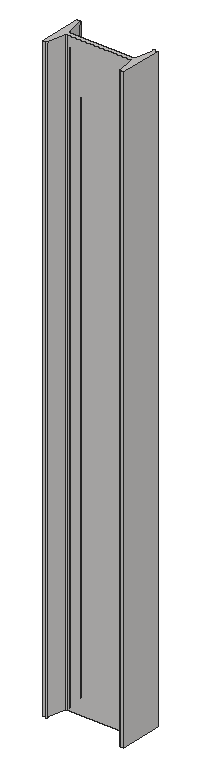
Revit family "E_Cable Tray Support_MEPcontent_OBO Bettermann_I IS8 FT", category Cable Tray Fittings, Revit 2015
Parameters (values of type "IS 8 60 FT")
  Wholesaler Art. No. = ""
  Wholesaler = ""
  Watermarked By = "www.stabiplan.com"
  Width 2 = 42.00 mm  # constant formula
  Width 1 = 80.00 mm  # constant formula
  URL = "www.stabiplan.com"
  built-in parameter 1140111 [instance] = 4.00 mm  # constant formula
  Stabu Code = ""
  Revit Version = "2015"  # constant formula
  Product Line = "OBO BETTERMANN CableTrays"  # constant formula
  MEPcontent Class = "CABLE_TRAY_SUPPORT"  # constant formula
  Internal Art. No. = ""
  IFCExportType = "NOTDEFINED"  # constant formula
  IFCExportAs = "IfcCableCarrierFittingType"  # constant formula
  Function Code [instance] = ""
  Family Version = "10.14"  # constant formula
  ETIM Article Class = "EC000386"  # constant formula
  EMCS Version = "2.0"  # constant formula
  Copyright = "© Stabiplan International BV"  # constant formula
  Content Supplier URL = ""
  CB-NL Class = ""
  Article Type = if(and(Width 1 = 80.00 mm, Width 2 = 42.00 mm, Height 1 = 300.00 mm), "IS 8 30 FT", if(and(Width 1 = 80.00 mm, Width 2 = 42.00 mm, Height 1 = 400.00 mm), "IS 8 40 FT", if(and(Width 1 = 80.00 mm, Width 2 = 42.00 mm, Height 1 = 500.00 mm), "IS 8 50 FT", if(and(Width 1 = 80.00 mm, Width 2 = 42.00 mm, Height 1 = 600.00 mm), "IS 8 60 FT", if(and(Width 1 = 80.00 mm, Width 2 = 42.00 mm, Height 1 = 700.00 mm), "IS 8 70 FT", if(and(Width 1 = 80.00 mm, Width 2 = 42.00 mm, Height 1 = 800.00 mm), "IS 8 80 FT", if(and(Width 1 = 80.00 mm, Width 2 = 42.00 mm, Height 1 = 900.00 mm), "IS 8 90 FT", if(and(Width 1 = 80.00 mm, Width 2 = 42.00 mm, Height 1 = 1000.00 mm), "IS 8 100 FT", if(and(Width 1 = 80.00 mm, Width 2 = 42.00 mm, Height 1 = 1100.00 mm), "IS 8 110 FT", if(and(Width 1 = 80.00 mm, Width 2 = 42.00 mm, Height 1 = 1200.00 mm), "IS 8 120 FT", if(and(Width 1 = 80.00 mm, Width 2 = 42.00 mm, Height 1 = 1300.00 mm), "IS 8 130 FT", if(and(Width 1 = 80.00 mm, Width 2 = 42.00 mm, Height 1 = 1400.00 mm), "IS 8 140 FT", if(and(Width 1 = 80.00 mm, Width 2 = 42.00 mm, Height 1 = 1500.00 mm), "IS 8 150 FT", if(and(Width 1 = 80.00 mm, Width 2 = 42.00 mm, Height 1 = 1600.00 mm), "IS 8 160 FT", if(and(Width 1 = 80.00 mm, Width 2 = 42.00 mm, Height 1 = 1700.00 mm), "IS 8 170 FT", if(and(Width 1 = 80.00 mm, Width 2 = 42.00 mm, Height 1 = 1800.00 mm), "IS 8 180 FT", if(and(Width 1 = 80.00 mm, Width 2 = 42.00 mm, Height 1 = 1900.00 mm), "IS 8 190 FT", if(and(Width 1 = 80.00 mm, Width 2 = 42.00 mm, Height 1 = 2000.00 mm), "IS 8 200 FT", if(and(Width 1 = 80.00 mm, Width 2 = 42.00 mm, Height 1 = 3000.00 mm), "IS 8 300 FT", if(and(Width 1 = 80.00 mm, Width 2 = 42.00 mm, Height 1 = 6000.00 mm), "IS 8 600 FT", "Unknown"))))))))))))))))))))  # "IS 8 60 FT"
  Model = if(and(Width 1 = 80.00 mm, Width 2 = 42.00 mm, Height 1 = 300.00 mm), "IS 8 30 FT", if(and(Width 1 = 80.00 mm, Width 2 = 42.00 mm, Height 1 = 400.00 mm), "IS 8 40 FT", if(and(Width 1 = 80.00 mm, Width 2 = 42.00 mm, Height 1 = 500.00 mm), "IS 8 50 FT", if(and(Width 1 = 80.00 mm, Width 2 = 42.00 mm, Height 1 = 600.00 mm), "IS 8 60 FT", if(and(Width 1 = 80.00 mm, Width 2 = 42.00 mm, Height 1 = 700.00 mm), "IS 8 70 FT", if(and(Width 1 = 80.00 mm, Width 2 = 42.00 mm, Height 1 = 800.00 mm), "IS 8 80 FT", if(and(Width 1 = 80.00 mm, Width 2 = 42.00 mm, Height 1 = 900.00 mm), "IS 8 90 FT", if(and(Width 1 = 80.00 mm, Width 2 = 42.00 mm, Height 1 = 1000.00 mm), "IS 8 100 FT", if(and(Width 1 = 80.00 mm, Width 2 = 42.00 mm, Height 1 = 1100.00 mm), "IS 8 110 FT", if(and(Width 1 = 80.00 mm, Width 2 = 42.00 mm, Height 1 = 1200.00 mm), "IS 8 120 FT", if(and(Width 1 = 80.00 mm, Width 2 = 42.00 mm, Height 1 = 1300.00 mm), "IS 8 130 FT", if(and(Width 1 = 80.00 mm, Width 2 = 42.00 mm, Height 1 = 1400.00 mm), "IS 8 140 FT", if(and(Width 1 = 80.00 mm, Width 2 = 42.00 mm, Height 1 = 1500.00 mm), "IS 8 150 FT", if(and(Width 1 = 80.00 mm, Width 2 = 42.00 mm, Height 1 = 1600.00 mm), "IS 8 160 FT", if(and(Width 1 = 80.00 mm, Width 2 = 42.00 mm, Height 1 = 1700.00 mm), "IS 8 170 FT", if(and(Width 1 = 80.00 mm, Width 2 = 42.00 mm, Height 1 = 1800.00 mm), "IS 8 180 FT", if(and(Width 1 = 80.00 mm, Width 2 = 42.00 mm, Height 1 = 1900.00 mm), "IS 8 190 FT", if(and(Width 1 = 80.00 mm, Width 2 = 42.00 mm, Height 1 = 2000.00 mm), "IS 8 200 FT", if(and(Width 1 = 80.00 mm, Width 2 = 42.00 mm, Height 1 = 3000.00 mm), "IS 8 300 FT", if(and(Width 1 = 80.00 mm, Width 2 = 42.00 mm, Height 1 = 6000.00 mm), "IS 8 600 FT", "Unknown"))))))))))))))))))))  # "IS 8 60 FT"
  Manufacturer = "OBO BETTERMANN"  # constant formula
  Custom [instance] = if(and(Width 1 = 80.00 mm, Width 2 = 42.00 mm, Height 1 = 300.00 mm), 1 = 0, if(and(Width 1 = 80.00 mm, Width 2 = 42.00 mm, Height 1 = 400.00 mm), 1 = 0, if(and(Width 1 = 80.00 mm, Width 2 = 42.00 mm, Height 1 = 500.00 mm), 1 = 0, if(and(Width 1 = 80.00 mm, Width 2 = 42.00 mm, Height 1 = 600.00 mm), 1 = 0, if(and(Width 1 = 80.00 mm, Width 2 = 42.00 mm, Height 1 = 700.00 mm), 1 = 0, if(and(Width 1 = 80.00 mm, Width 2 = 42.00 mm, Height 1 = 800.00 mm), 1 = 0, if(and(Width 1 = 80.00 mm, Width 2 = 42.00 mm, Height 1 = 900.00 mm), 1 = 0, if(and(Width 1 = 80.00 mm, Width 2 = 42.00 mm, Height 1 = 1000.00 mm), 1 = 0, if(and(Width 1 = 80.00 mm, Width 2 = 42.00 mm, Height 1 = 1100.00 mm), 1 = 0, if(and(Width 1 = 80.00 mm, Width 2 = 42.00 mm, Height 1 = 1200.00 mm), 1 = 0, if(and(Width 1 = 80.00 mm, Width 2 = 42.00 mm, Height 1 = 1300.00 mm), 1 = 0, if(and(Width 1 = 80.00 mm, Width 2 = 42.00 mm, Height 1 = 1400.00 mm), 1 = 0, if(and(Width 1 = 80.00 mm, Width 2 = 42.00 mm, Height 1 = 1500.00 mm), 1 = 0, if(and(Width 1 = 80.00 mm, Width 2 = 42.00 mm, Height 1 = 1600.00 mm), 1 = 0, if(and(Width 1 = 80.00 mm, Width 2 = 42.00 mm, Height 1 = 1700.00 mm), 1 = 0, if(and(Width 1 = 80.00 mm, Width 2 = 42.00 mm, Height 1 = 1800.00 mm), 1 = 0, if(and(Width 1 = 80.00 mm, Width 2 = 42.00 mm, Height 1 = 1900.00 mm), 1 = 0, if(and(Width 1 = 80.00 mm, Width 2 = 42.00 mm, Height 1 = 2000.00 mm), 1 = 0, if(and(Width 1 = 80.00 mm, Width 2 = 42.00 mm, Height 1 = 3000.00 mm), 1 = 0, if(and(Width 1 = 80.00 mm, Width 2 = 42.00 mm, Height 1 = 6000.00 mm), 1 = 0, 1 = 1))))))))))))))))))))  # no
  Height 1 = 600.00 mm
  GTIN = if(and(Width 1 = 80.00 mm, Width 2 = 42.00 mm, Height 1 = 300.00 mm), "4012196182770", if(and(Width 1 = 80.00 mm, Width 2 = 42.00 mm, Height 1 = 400.00 mm), "4012196182831", if(and(Width 1 = 80.00 mm, Width 2 = 42.00 mm, Height 1 = 500.00 mm), "4012196182893", if(and(Width 1 = 80.00 mm, Width 2 = 42.00 mm, Height 1 = 600.00 mm), "4012196182954", if(and(Width 1 = 80.00 mm, Width 2 = 42.00 mm, Height 1 = 700.00 mm), "4012196183012", if(and(Width 1 = 80.00 mm, Width 2 = 42.00 mm, Height 1 = 800.00 mm), "4012196183074", if(and(Width 1 = 80.00 mm, Width 2 = 42.00 mm, Height 1 = 900.00 mm), "4012196183135", if(and(Width 1 = 80.00 mm, Width 2 = 42.00 mm, Height 1 = 1000.00 mm), "4012196183197", if(and(Width 1 = 80.00 mm, Width 2 = 42.00 mm, Height 1 = 1100.00 mm), "4012196183258", if(and(Width 1 = 80.00 mm, Width 2 = 42.00 mm, Height 1 = 1200.00 mm), "4012195804550", if(and(Width 1 = 80.00 mm, Width 2 = 42.00 mm, Height 1 = 1300.00 mm), "4012195805038", if(and(Width 1 = 80.00 mm, Width 2 = 42.00 mm, Height 1 = 1400.00 mm), "4012195934936", if(and(Width 1 = 80.00 mm, Width 2 = 42.00 mm, Height 1 = 1500.00 mm), "4012196183494", if(and(Width 1 = 80.00 mm, Width 2 = 42.00 mm, Height 1 = 1600.00 mm), "4012195934752", if(and(Width 1 = 80.00 mm, Width 2 = 42.00 mm, Height 1 = 1700.00 mm), "4012196183616", if(and(Width 1 = 80.00 mm, Width 2 = 42.00 mm, Height 1 = 1800.00 mm), "4012195934875", if(and(Width 1 = 80.00 mm, Width 2 = 42.00 mm, Height 1 = 1900.00 mm), "4012195934219", if(and(Width 1 = 80.00 mm, Width 2 = 42.00 mm, Height 1 = 2000.00 mm), "4012196183791", if(and(Width 1 = 80.00 mm, Width 2 = 42.00 mm, Height 1 = 3000.00 mm), "4012196183852", if(and(Width 1 = 80.00 mm, Width 2 = 42.00 mm, Height 1 = 6000.00 mm), "4012196183913", "Unknown"))))))))))))))))))))  # "4012196182954"
  Description = "I support in fixed lengths."  # constant formula
  Manufacturer URL = "http://catalog4.obo-bettermann.com/catalogue/catalogue.do?forward=showProductGroup&act=showIO&favOid=kts_6965&action=showManyProducts&lang=nl&OID=kts_6965&catId="
  Gray = Color RGB 189-187-185
  Manufacturer Art. No. = if(and(Width 1 = 80.00 mm, Width 2 = 42.00 mm, Height 1 = 300.00 mm), "6337031", if(and(Width 1 = 80.00 mm, Width 2 = 42.00 mm, Height 1 = 400.00 mm), "6337058", if(and(Width 1 = 80.00 mm, Width 2 = 42.00 mm, Height 1 = 500.00 mm), "6337066", if(and(Width 1 = 80.00 mm, Width 2 = 42.00 mm, Height 1 = 600.00 mm), "6337074", if(and(Width 1 = 80.00 mm, Width 2 = 42.00 mm, Height 1 = 700.00 mm), "6337082", if(and(Width 1 = 80.00 mm, Width 2 = 42.00 mm, Height 1 = 800.00 mm), "6337090", if(and(Width 1 = 80.00 mm, Width 2 = 42.00 mm, Height 1 = 900.00 mm), "6337104", if(and(Width 1 = 80.00 mm, Width 2 = 42.00 mm, Height 1 = 1000.00 mm), "6337112", if(and(Width 1 = 80.00 mm, Width 2 = 42.00 mm, Height 1 = 1100.00 mm), "6337120", if(and(Width 1 = 80.00 mm, Width 2 = 42.00 mm, Height 1 = 1200.00 mm), "6337139", if(and(Width 1 = 80.00 mm, Width 2 = 42.00 mm, Height 1 = 1300.00 mm), "6337147", if(and(Width 1 = 80.00 mm, Width 2 = 42.00 mm, Height 1 = 1400.00 mm), "6337155", if(and(Width 1 = 80.00 mm, Width 2 = 42.00 mm, Height 1 = 1500.00 mm), "6337163", if(and(Width 1 = 80.00 mm, Width 2 = 42.00 mm, Height 1 = 1600.00 mm), "6337171", if(and(Width 1 = 80.00 mm, Width 2 = 42.00 mm, Height 1 = 1700.00 mm), "6337198", if(and(Width 1 = 80.00 mm, Width 2 = 42.00 mm, Height 1 = 1800.00 mm), "6337201", if(and(Width 1 = 80.00 mm, Width 2 = 42.00 mm, Height 1 = 1900.00 mm), "6337228", if(and(Width 1 = 80.00 mm, Width 2 = 42.00 mm, Height 1 = 2000.00 mm), "6337236", if(and(Width 1 = 80.00 mm, Width 2 = 42.00 mm, Height 1 = 3000.00 mm), "6337244", if(and(Width 1 = 80.00 mm, Width 2 = 42.00 mm, Height 1 = 6000.00 mm), "6337252", "Unknown"))))))))))))))))))))  # "6337074"
  Article Description = "I support in fixed lengths."  # constant formula
Types (20, lengths in mm): name | Article Type | Model | Height 1 | GTIN | Manufacturer Art. No.
  IS 8 30 FT | "IS 8 30 FT" | "IS 8 30 FT" | 300.00 | "4012196182770" | "6337031"
  IS 8 40 FT | "IS 8 40 FT" | "IS 8 40 FT" | 400.00 | "4012196182831" | "6337058"
  IS 8 50 FT | "IS 8 50 FT" | "IS 8 50 FT" | 500.00 | "4012196182893" | "6337066"
  IS 8 60 FT | "IS 8 60 FT" | "IS 8 60 FT" | 600.00 | "4012196182954" | "6337074"
  IS 8 70 FT | "IS 8 70 FT" | "IS 8 70 FT" | 700.00 | "4012196183012" | "6337082"
  IS 8 80 FT | "IS 8 80 FT" | "IS 8 80 FT" | 800.00 | "4012196183074" | "6337090"
  IS 8 90 FT | "IS 8 90 FT" | "IS 8 90 FT" | 900.00 | "4012196183135" | "6337104"
  IS 8 100 FT | "IS 8 100 FT" | "IS 8 100 FT" | 1000.00 | "4012196183197" | "6337112"
  IS 8 110 FT | "IS 8 110 FT" | "IS 8 110 FT" | 1100.00 | "4012196183258" | "6337120"
  IS 8 120 FT | "IS 8 120 FT" | "IS 8 120 FT" | 1200.00 | "4012195804550" | "6337139"
  IS 8 130 FT | "IS 8 130 FT" | "IS 8 130 FT" | 1300.00 | "4012195805038" | "6337147"
  IS 8 140 FT | "IS 8 140 FT" | "IS 8 140 FT" | 1400.00 | "4012195934936" | "6337155"
  IS 8 150 FT | "IS 8 150 FT" | "IS 8 150 FT" | 1500.00 | "4012196183494" | "6337163"
  IS 8 160 FT | "IS 8 160 FT" | "IS 8 160 FT" | 1600.00 | "4012195934752" | "6337171"
  IS 8 170 FT | "IS 8 170 FT" | "IS 8 170 FT" | 1700.00 | "4012196183616" | "6337198"
  IS 8 180 FT | "IS 8 180 FT" | "IS 8 180 FT" | 1800.00 | "4012195934875" | "6337201"
  IS 8 200 FT | "IS 8 200 FT" | "IS 8 200 FT" | 2000.00 | "4012196183791" | "6337236"
  IS 8 190 FT | "IS 8 190 FT" | "IS 8 190 FT" | 1900.00 | "4012195934219" | "6337228"
  IS 8 300 FT | "IS 8 300 FT" | "IS 8 300 FT" | 3000.00 | "4012196183852" | "6337244"
  IS 8 600 FT | "IS 8 600 FT" | "IS 8 600 FT" | 6000.00 | "4012196183913" | "6337252"
Reference planes
  plane 1 "Center (Front/Back)": y = 0
  plane 2: z = 0
  plane 3 "Center (Left/Right)": x = 0
  plane 4: z = 600
  plane 5: x = -40
  plane 6: x = 40
  plane 7: y = -21
  plane 8: y = 21
Forms (mm)
  Extrusion 1, solid, material "Color RGB 189-187-185" <- "Gray", detail levels medium+fine
    sketch origin (0, 0, 0) x (1, 0, 0) y (0, 1, 0)
      loop
        line (-40, 21) -> (-40, -21) -> (-37.259, -21)
        arc (-37.259, -21) -> (-36.294, -20.649) -> (-35.781, -19.76) r 1.5
        line (-35.781, -19.76) -> (-32.868, -3.24)
        arc (-32.868, -3.24) -> (-32.355, -2.351) -> (-31.391, -2) r 1.5
        line (-31.391, -2) -> (31.391, -2)
        arc (31.391, -2) -> (32.355, -2.351) -> (32.868, -3.24) r 1.5
        line (32.868, -3.24) -> (35.781, -19.76)
        arc (35.781, -19.76) -> (36.294, -20.649) -> (37.259, -21) r 1.5
        line (37.259, -21) -> (40, -21) -> (40, 21) -> (37.259, 21)
        arc (37.259, 21) -> (36.294, 20.649) -> (35.781, 19.76) r 1.5
        line (35.781, 19.76) -> (32.868, 3.24)
        arc (32.868, 3.24) -> (32.355, 2.351) -> (31.391, 2) r 1.5
        line (31.391, 2) -> (-31.391, 2)
        arc (-31.391, 2) -> (-32.355, 2.351) -> (-32.868, 3.24) r 1.5
        line (-32.868, 3.24) -> (-35.781, 19.76)
        arc (-35.781, 19.76) -> (-36.294, 20.649) -> (-37.259, 21) r 1.5
        line (-37.259, 21) -> (-40, 21)
    from 0 to 600
Lines and regions (mm)
  model lines, style "Fittings", detail levels coarse
    curve 1: line (0, 0, 0) -> (0, 0, 600)
Dimensions and locks
  "Height 1": plane 4 to level
  equal spacing: plane 6, plane 3 "Center (Left/Right)", plane 5
  "Width 1": plane 6 to plane 5
  equal spacing: plane 7, plane 1 "Center (Front/Back)", plane 8
  "Width 2": plane 7 to plane 8
  equal spacing: Extrusion 1 sketch curve, plane 1 "Center (Front/Back)", Extrusion 1 sketch curve
  "built-in parameter 1140111": Extrusion 1 sketch curve to Extrusion 1 sketch curve
  radius of Extrusion 1 sketch curve = 1.50 mm  (x8)
  aligned and locked: level to plane 2
  aligned and locked: Extrusion 1 to level
  aligned and locked: plane 4 to Extrusion 1
  aligned and locked: level to curve 1
  aligned and locked: plane 3 "Center (Left/Right)" to curve 1
  aligned and locked: plane 8 to Extrusion 1 sketch curve  (x2)
  aligned and locked: plane 7 to Extrusion 1 sketch curve  (x3)
  aligned and locked: Extrusion 1 sketch curve to plane 5
  aligned and locked: plane 6 to Extrusion 1 sketch curve
Automatic sketch dimensions
  curve 1 to plane 4 = 0.00 mm
  plane 5 to Extrusion 1 sketch curve = 2.741 mm  (x2)
  plane 8 to Extrusion 1 sketch curve = 1.24 mm  (x2)
  plane 7 to Extrusion 1 sketch curve = 1.24 mm  (x2)
  plane 1 "Center (Front/Back)" to Extrusion 1 sketch curve = 3.24 mm  (x2)
  plane 5 to Extrusion 1 sketch curve = 7.132 mm
  Extrusion 1 sketch curve to plane 1 "Center (Front/Back)" = 3.24 mm  (x2)
  Extrusion 1 sketch curve to Extrusion 1 sketch curve = 1.477 mm
  plane 6 to Extrusion 1 sketch curve = 8.609 mm
  Extrusion 1 sketch curve to Extrusion 1 sketch curve = 0.00 mm
  plane 6 to Extrusion 1 sketch curve = 4.219 mm  (x2)
